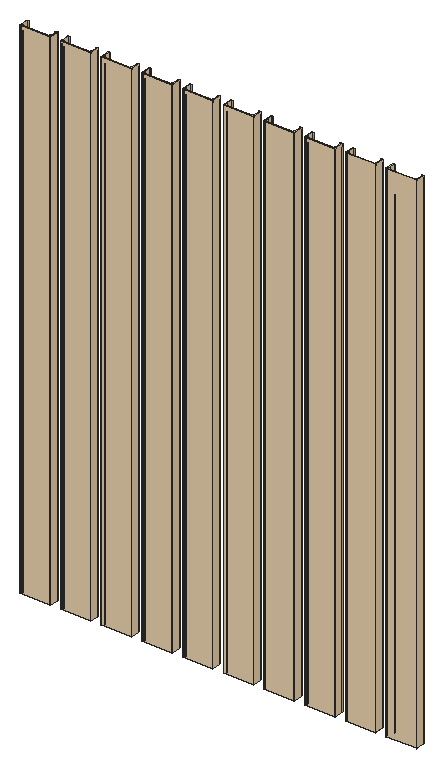
Revit family "Click Beam 60", category Mechanical Equipment, Revit 2017
Family settings
  Round Connector Dimension = Use Diameter
  Part Type = Normal
  Work Plane-Based = No
  Always vertical = Yes
  Cut with Voids When Loaded = No
  Shared = No
  Room Calculation Point = No
Parameters (values of type "Pine")
  URL = "https://gtoaluminum.com/product/click-60/"
  Single = Panel Number = 1  # no
  Panel Number = 10
  Distance between beam = 20 mm
  Array Number = if(Panel Number = 1, 2, Panel Number)  # 10
  Model = "Click 60"
  Manufacturer = "gtoaluminum"
  Height = 1000 mm
  Finish = Pine, Scots
  Dimensions = "2.36”W x 0.70”H x 19’L | 0.047” thickness"
  Description = "This profile is ideal for both interior and exterior cladding. It is slightly wider than the Click 40, making it suitable for covering more substantial surfaces. It can cover cracks, peelings, and marks on walls without the need for wall treatment. It can be used for pergolas, fences, doors, ceilings, and both interior and exterior walls. It comes in different shades of wood and other colors or can be painted in a custom color. The installation is effortless, and the finishing looks seamless without any noticeable screws or marks."
  Bottom Offset = 0 mm
  Array = not(Single)  # yes
Types (8, lengths in mm): name | Panel Number | Distance between beam | Array Number | Height | Finish | Bottom Offset
  (no name) | 10 | 20 | 10 | 1000 | Pine, Scots | 0
  Espresso | 5 | 0 | 5 | 3000 | Espresso | 50
  Oak | 5 | 5 | 5 | 3000 | Wood (Oak) | 50
  Pine | 10 | 20 | 10 | 1000 | Pine, Scots | 0
  Gray | 5 | 5 | 5 | 3000 | Gray | 50
  Charcol | 15 | 5 | 15 | 1500 | Charcol | 50
  Matte | 5 | 5 | 5 | 3000 | Matte | 50
  gloss | 5 | 5 | 5 | 3000 | Gloss | 50
Reference planes
  plane 1 "Center (Front/Back)": y = 0
  plane 2: z = 0
  plane 3 "Center (Left/Right)": x = 0
  plane 4: x = 60
  plane 5: x = 80
Dimensions and locks
  equal spacing: group 1, group 2, group 3, group 4, group 5, group 6, group 7, group 8, group 9, group 10  (x3)
  locked: plane 3 "Center (Left/Right)" to plane 4 at 60
  "Distance between beam": plane 4 to plane 5
  aligned and locked: level to plane 2
  aligned and locked: plane 3 "Center (Left/Right)" to nested 1
  aligned and locked: plane 3 "Center (Left/Right)" to nested 3
  aligned and locked: plane 5 to nested 2
Nested families
  nested 1: "profile" at (0, 0, 0), visible <- "Array", type "profile"
    with Height 1000 mm, Bottom Offset 0 mm
  nested 2: "profile" at (80, 0, 0), visible <- "Array", type "profile"
    with Height 1000 mm, Bottom Offset 0 mm
  nested 3: "profile" at (0, 0, 0), visible <- "Single", type "profile"
    with Height 1000 mm, Bottom Offset 0 mm
  nested 4: "profile" at (160, 0, 0), visible <- "Array", type "profile"
    with Height 1000 mm, Bottom Offset 0 mm
  nested 5: "profile" at (240, 0, 0), visible <- "Array", type "profile"
    with Height 1000 mm, Bottom Offset 0 mm
  nested 6: "profile" at (320, 0, 0), visible <- "Array", type "profile"
    with Height 1000 mm, Bottom Offset 0 mm
  nested 7: "profile" at (400, 0, 0), visible <- "Array", type "profile"
    with Height 1000 mm, Bottom Offset 0 mm
  nested 8: "profile" at (480, 0, 0), visible <- "Array", type "profile"
    with Height 1000 mm, Bottom Offset 0 mm
  nested 9: "profile" at (560, 0, 0), visible <- "Array", type "profile"
    with Height 1000 mm, Bottom Offset 0 mm
  nested 10: "profile" at (640, 0, 0), visible <- "Array", type "profile"
    with Height 1000 mm, Bottom Offset 0 mm
  nested 11: "profile" at (720, 0, 0), visible <- "Array", type "profile"
    with Height 1000 mm, Bottom Offset 0 mm
Definition of nested family "profile"
  Parameters (values of type "profile")
    Height = 3000 mm
    Finish = none
    Bottom Offset = 50 mm
  Reference planes
    plane 1 "Center (Front/Back)": y = 0
    plane 2: z = 0
    plane 3 "Center (Left/Right)": x = 0
    plane 4: z = 3000
    plane 5: z = 50
    plane 6: x = 68.857
  Forms (mm)
    Extrusion 1, solid, material <- "Finish"
      sketch origin (-100, 1.4, 0) x (1, 0, 0) y (0, 1, 0)
        loop
          arc (100, -0.9) -> (100.146, -1.254) -> (100.5, -1.4) r 0.5
          line (100.5, -1.4) -> (159.5, -1.4)
          arc (159.5, -1.4) -> (159.854, -1.254) -> (160, -0.9) r 0.5
          line (160, -0.9) -> (160, 16.1)
          arc (160, 16.1) -> (159.854, 16.454) -> (159.5, 16.6) r 0.5
          line (159.5, 16.6) -> (156.656, 16.6)
          arc (156.656, 16.6) -> (156.056, 16) -> (156.656, 15.4) r 0.6
          line (156.656, 15.4) -> (158.3, 15.4)
          arc (158.3, 15.4) -> (158.654, 15.254) -> (158.8, 14.9) r 0.5
          line (158.8, 14.9) -> (158.8, 12.957)
          arc (158.8, 12.957) -> (158.5, 12.45) -> (158.8, 11.943) r 0.579
          line (158.8, 11.943) -> (158.8, 10.957)
          arc (158.8, 10.957) -> (158.5, 10.45) -> (158.8, 9.943) r 0.579
          line (158.8, 9.943) -> (158.8, 8.957)
          arc (158.8, 8.957) -> (158.5, 8.45) -> (158.8, 7.943) r 0.579
          line (158.8, 7.943) -> (158.8, 6.957)
          arc (158.8, 6.957) -> (158.5, 6.45) -> (158.8, 5.943) r 0.579
          line (158.8, 5.943) -> (158.8, 3.3)
          arc (158.8, 3.3) -> (158.654, 2.946) -> (158.3, 2.8) r 0.5
          line (158.3, 2.8) -> (156.908, 2.8)
          arc (156.908, 2.8) -> (156.308, 2.2) -> (156.908, 1.6) r 0.6
          line (156.908, 1.6) -> (158.3, 1.6)
          arc (158.3, 1.6) -> (158.654, 1.454) -> (158.8, 1.1) r 0.5
          line (158.8, 1.1) -> (158.8, 0.3)
          arc (158.8, 0.3) -> (158.654, -0.054) -> (158.3, -0.2) r 0.5
          line (158.3, -0.2) -> (101.7, -0.2)
          arc (101.7, -0.2) -> (101.346, -0.054) -> (101.2, 0.3) r 0.5
          line (101.2, 0.3) -> (101.2, 1.1)
          arc (101.2, 1.1) -> (101.346, 1.454) -> (101.7, 1.6) r 0.5
          line (101.7, 1.6) -> (103.096, 1.6)
          arc (103.096, 1.6) -> (103.696, 2.2) -> (103.096, 2.8) r 0.6
          line (103.096, 2.8) -> (101.7, 2.8)
          arc (101.7, 2.8) -> (101.346, 2.946) -> (101.2, 3.3) r 0.5
          line (101.2, 3.3) -> (101.2, 14.9)
          arc (101.2, 14.9) -> (101.346, 15.254) -> (101.7, 15.4) r 0.5
          line (101.7, 15.4) -> (103.344, 15.4)
          arc (103.344, 15.4) -> (103.944, 16) -> (103.344, 16.6) r 0.6
          line (103.344, 16.6) -> (100.5, 16.6)
          arc (100.5, 16.6) -> (100.146, 16.454) -> (100, 16.1) r 0.5
          line (100, 16.1) -> (100, -0.9)
      from 50 to 3000
  Dimensions and locks
    "Height": plane 4 to plane 2
    "Bottom Offset": plane 5 to level
    aligned and locked: level to plane 2
    aligned and locked: Extrusion 1 to plane 4
    aligned and locked: plane 5 to Extrusion 1
  Automatic sketch dimensions
    Extrusion 1 sketch curve to plane 3 "Center (Left/Right)" = 0 mm
    plane 1 "Center (Front/Back)" to Extrusion 1 sketch curve = 0 mm
    Extrusion 1 sketch curve to Extrusion 1 sketch curve = 0.5 mm  (x10)
    plane 3 "Center (Left/Right)" to Extrusion 1 sketch curve = 1.2 mm  (x2)
    Extrusion 1 sketch curve to Extrusion 1 sketch curve = 1.396 mm
    Extrusion 1 sketch curve to Extrusion 1 sketch curve = 1.644 mm  (x2)
    plane 6 to Extrusion 1 sketch curve = 12.202 mm
    Extrusion 1 sketch curve to plane 1 "Center (Front/Back)" = 4.2 mm
    plane 6 to Extrusion 1 sketch curve = 11.95 mm
    Extrusion 1 sketch curve to Extrusion 1 sketch curve = 1.392 mm  (x2)
    Extrusion 1 sketch curve to Extrusion 1 sketch curve = 0 mm  (x4)
    Extrusion 1 sketch curve to Extrusion 1 sketch curve = 0.279 mm  (x4)
    Extrusion 1 sketch curve to Extrusion 1 sketch curve = 1.2 mm  (x2)
    Extrusion 1 sketch curve to plane 1 "Center (Front/Back)" = 1.2 mm
    Extrusion 1 sketch curve to Extrusion 1 sketch curve = 0.8 mm  (x2)
    Extrusion 1 sketch curve to Extrusion 1 sketch curve = 0.6 mm  (x3)
    Extrusion 1 sketch curve to Extrusion 1 sketch curve = 2.643 mm
    Extrusion 1 sketch curve to Extrusion 1 sketch curve = 0.507 mm  (x4)
    Extrusion 1 sketch curve to Extrusion 1 sketch curve = 0.986 mm  (x3)
    Extrusion 1 sketch curve to Extrusion 1 sketch curve = 1.943 mm
    Extrusion 1 sketch curve to Extrusion 1 sketch curve = 11.6 mm
